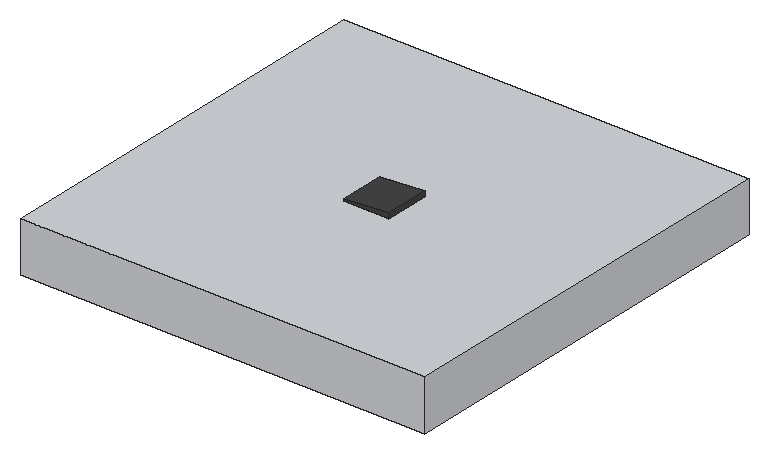
Revit family "Dachhalter Gummikeil", category HLS-Bauteile, Revit 2017
Family settings
  Basisbauteil = Fläche
  Bemaßung runder Anschluss = Durchmesser verwenden
  Teiletyp = Normal
  Beim Laden mit Abzugskörper schneiden = Nein
  Gemeinsam genutzt = Ja
  Raumberechnungspunkt = Nein
Parameters
  passend für = ""
  max. zul. Last Druck = 0.899236 kip
  max. Profilhöhe = 0 mm
  Default Elevation = 1219.2 mm
  Stärke Platte = 0 mm
  Stärke = 28 mm
  Sicherheitsfaktor = 0
  Regelhalter [instance] = ""
  Profiltyp = ""
  Profilname = ""
  Profil = ""
  Neigung = "4 °"
  Material = "Gummi"
  Länge Platte = 0 mm
  Länge 1 = ""
  Länge = 270 mm
  Lochdurchmesser = ""
  Lochabstand = ""
  Lieferumfang = ""
  Langloch = ""
  Kurztext2 = "Gummi 270x270x28 / 10 mm 4 °"
  Kurztext1 = "Gummikeil Dachhalter"
  Höhe 2 = "10 mm"
  Höhe 1 = "28 mm"
  Gewicht = 1.73 kg
  Firma = "MEFA Befestigungs- und Montagesysteme GmbH"
  Fabrikat = "MEFA"
  EAN = "4250928420725"
  Breite Platte = 0 mm
  Breite = 270 mm
  Befestigung = ""
  Baustoffklasse = "B2"
  Ausrichtung Platte = ""
  Ausführung = ""
  Artikelnummer = "08197598"
  Abmessung Grundplatte = ""
Reference planes
  plane 1 "Mitte (Vorne/hinten)": y = 0
  plane 2: z = 0
  plane 3 "Mitte (Links/rechts)": x = 0
  plane 4: x = 135
  plane 5: x = -135
  plane 6: z = 28
  plane 7: z = 10
Forms (mm)
  Extrusion 1, solid
    sketch origin (0, 0, 0) x (1, 0, 0) y (0, 1, 0)
      loop
        line (-1219.2, 1219.2) -> (-1219.2, -1219.2) -> (1219.2, -1219.2) -> (1219.2, 1219.2) -> (-1219.2, 1219.2)
    from 0 to -304.8
  Extrusion 2, solid, material "EPDM"
    sketch origin (0, 0, 0) x (1, 0, 0) y (0, 0, 1)
      loop
        line (135, 28) -> (-135, 10) -> (-135, 0) -> (135, 0) -> (135, 28)
    from -135 to 135
Dimensions and locks
  aligned and locked: plane 2 to Extrusion 1
  aligned and locked: level to Extrusion 1
